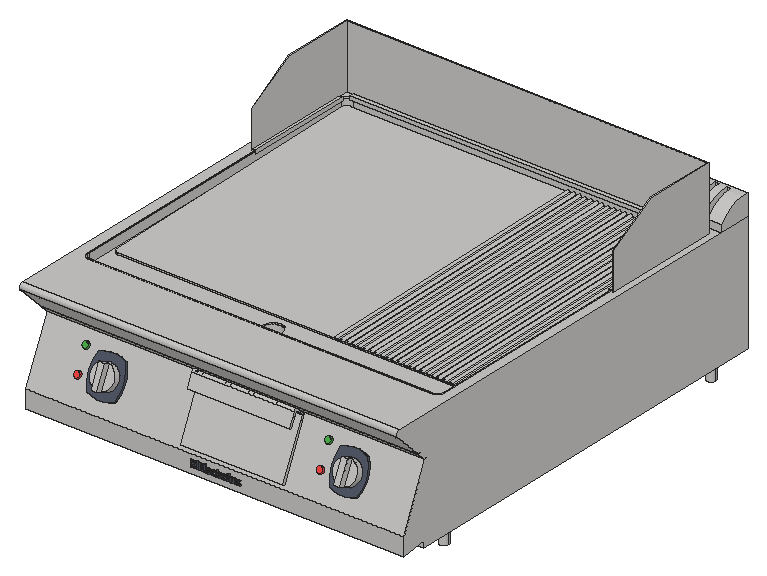
Revit family "QF_ELECTROLUXPROFESSIONAL_391359_E9IIMIAOMEA", category Specialty Equipment, Revit 2018
Family settings
  Round Connector Dimension = Use Diameter
  Part Type = Normal
  Work Plane-Based = No
  Always vertical = Yes
  Cut with Voids When Loaded = No
  Shared = No
  Room Calculation Point = No
Parameters
  Width = 800 mm  # constant formula
  Weight in Pounds = 105  # constant formula
  Watts = 15000 VA  # 15000 W
  Volts = 230 V  # constant formula
  URL Cutsheet = "www.electrolux.com"
  URL = "www.electrolux.com"
  Type Mark [instance] = ""
  Status [instance] = ""
  Specification by User [instance] = ""
  Specification by Manufacturer = ""
  Show Logo [instance] = yes
  Show Clearance [instance] = yes
  Serial Number = ""
  Seismic Rating = ""
  SMACNA No = ""
  Revision Code [instance] = ""
  Phase = 3
  Omniclass Number and Title = ""
  Number of Poles [instance] = 1
  NAFEM Spec ID Number = ""
  Model = "391174"
  Min Ckt Ampacity = 0 A
  Max Overcurrent Protection = 0 A
  Masterspec = ""
  Manufacturer = "ELECTROLUX"
  Item Number [instance] = ""
  Installed By [instance] = ""
  Identify Quantity as Lot [instance] = yes
  HP = "20.1 HP"
  Furnished By [instance] = ""
  Foodservice Equipment Identifier [instance] = yes
  FL Amps = if(Phase = 3, Watts / (Volts * 1.73), Watts / Volts)  # 37.6979 A
  Electrical Remarks [instance] = "230 V/3 ph/50/60 Hz"  # constant formula
  Electric Connection Type [instance] = ""
  Elec Conn RI Height [instance] = 0 mm
  Elec Conn Connection Height [instance] = 0 mm
  Direct Waste Size = 0"
  Description = "900XP FULL MODULE ELECTRIC FRY TOP,2/3 SMOOTH - 1/3 RIBBED SLOPED PLATE,MILD STEEL - 230 V"
  Depth = 930 mm  # constant formula
  Cycle = 60 Hz
  Conn Plug = ""
  Conn Conduit = yes
  CSI MasterFormat = ""
  CSI Master Format = ""
  Apparent Power = if(Phase = 3, Volts * FL Amps * 1.73, Volts * FL Amps)  # 15000 VA
  60 Hertz Option = not([50 Hertz Option])  # no
  50 Hertz Option = yes
Reference planes
  plane 1 "BACK": y = 0
  plane 2: z = 0
  plane 3 "LEFT": x = 0
  plane 4 "RIGHT": x = 800
  plane 5 "FRONT": y = -930
  plane 6 "TOP": z = 275
  plane 7 "Center Y": x = 400
  plane 8 "Center X": y = -465
  plane 9: y = -1045
  plane 10: z = 24
  plane 11: z = 290
  plane 12: z = 410
  plane 13: x = 11
  plane 14: x = 789
Forms (mm)
  Extrusion 1, solid, material "QF_Finishes_Stainless Steel"
    sketch origin (0, 0, 0) x (0, 1, 0) y (0, 0, 1)
      loop
        line (0, 275) -> (-922.686, 275)
        arc (-922.686, 275) -> (-929.443, 270.485) -> (-927.858, 262.514) r 7.314
        line (-927.858, 262.514) -> (-873.907, 208.563) -> (-865.773, 208.563) -> (-865.773, 206.447) -> (-871.79, 206.447) -> (-858.907, 193.563) -> (-850.773, 193.563) -> (-850.773, 191.447) -> (-856.79, 191.447) -> (-913.146, 69.003) -> (-913.146, 30.903) -> (-859.774, 36.513) -> (-859.774, 24) -> (0, 24) -> (0, 275)
    from 0 to 800
  Extrusion 2, solid, material "QF_Finishes_Stainless Steel"
    sketch origin (0, -1, 0) x (1, 0, 0) y (0, 1, 0)
      loop
        circle (11, -82) r 9.525
      loop
        circle (11, -790) r 9.525
      loop
        circle (789, -82) r 9.525
      loop
        circle (789, -790) r 9.525
    from 0 to 24
  Extrusion 3, solid, material "QF_Finishes_Stainless Steel"
    sketch origin (635, 190.152, 275) x (0, -1, 0) y (1, 0, 0)
      loop
        line (273.542, 147.97) -> (273.542, -617.97) -> (275.13, -617.97) -> (275.13, 147.97) -> (273.542, 147.97)
    from 0 to 135
  Extrusion 4, void
    sketch origin (0, 0, 275) x (0, -1, 0) y (1, 0, 0)
      loop
        arc (92.539, 37.03) -> (96.932, 26.423) -> (107.539, 22.03) r 15
        line (107.539, 22.03) -> (777.539, 22.03)
        arc (777.539, 22.03) -> (788.145, 26.423) -> (792.539, 37.03) r 15
        line (792.539, 37.03) -> (792.539, 762.97)
        arc (792.539, 762.97) -> (788.145, 773.577) -> (777.539, 777.97) r 15
        line (777.539, 777.97) -> (107.539, 777.97)
        arc (107.539, 777.97) -> (96.932, 773.577) -> (92.539, 762.97) r 15
        line (92.539, 762.97) -> (92.539, 37.03)
    from 0 to -21.588
  Sweep 5, solid, material "QF_Finishes_Stainless Steel"
    path origin (0, 0, 0) x (1, 0, 0) y (0, 1, 0)
      loop
        line (22.03, -107.539) -> (22.03, -777.539)
        arc (22.03, -777.539) -> (26.423, -788.145) -> (37.03, -792.539) r 15
        line (37.03, -792.539) -> (762.97, -792.539)
        arc (762.97, -792.539) -> (773.577, -788.145) -> (777.97, -777.539) r 15
        line (777.97, -777.539) -> (777.97, -107.539)
        arc (777.97, -107.539) -> (773.577, -96.932) -> (762.97, -92.539) r 15
        line (762.97, -92.539) -> (37.03, -92.539)
        arc (37.03, -92.539) -> (26.423, -96.932) -> (22.03, -107.539) r 15
    profile origin (22.03, -442.539, 0) x (1, 0, 0) y (0, 0, 1)
      loop
        line (0, 255) -> (1.588, 255) -> (1.588, 272.855)
        arc (1.588, 272.855) -> (1.147, 274.189) -> (0, 275) r 2.242
        line (0, 275) -> (0, 255)
  Extrusion 6, solid, material "QF_Finishes_Stainless Steel"
    sketch origin (0, 0, 0) x (1, 0, 0) y (0, 0, 1)
      loop
        line (17.03, 275.856) -> (23.926, 275.856) -> (23.926, 270.856) -> (25.514, 270.856) -> (25.514, 277.444) -> (17.03, 277.444) -> (17.03, 275.856)
      loop
        line (782.97, 275.856) -> (782.97, 277.444) -> (774.486, 277.444) -> (774.486, 270.856) -> (776.074, 270.856) -> (776.074, 275.856) -> (782.97, 275.856)
    from 105.541 to 335.39
  Extrusion 7, solid, material "QF_Finishes_Stainless Steel"
    sketch origin (0, 0, 0) x (0, 1, 0) y (0, 0, 1)
      loop
        line (-94.126, 270.856) -> (-94.126, 275.856) -> (-84.978, 275.856) -> (-84.978, 277.444) -> (-95.714, 277.444) -> (-95.714, 270.856) -> (-94.126, 270.856)
    from 32.03 to 767.97
  Extrusion 8, solid, material "QF_Finishes_Stainless Steel"
    sketch origin (0, -101.6, 24) x (-1, 0, 0) y (0, 1, 0)
      loop
        circle (-740, -482.4) r 6.35
    from 0 to 5
  Extrusion 9, solid, material "QF_Clearances", visible <- "Show Clearance", detail levels coarse
    sketch origin (0, 0, 0) x (1, 0, 0) y (0, 1, 0)
      loop
        line (0, 0) -> (800, 0) -> (800, -930) -> (900, -930) -> (900, 100) -> (-100, 100) -> (-100, -930) -> (0, -930) -> (0, 0)
    from 0 to 410
  Extrusion 10, solid, material "QF_Finishes_Stainless Steel"
    sketch origin (0, 0, 0) x (0, 1, 0) y (0, 0, 1)
      loop
        line (-792.539, 255) -> (-792.539, 253.413) -> (-92.539, 253.413) -> (-92.539, 255) -> (-792.539, 255)
    from 22.03 to 777.97
  Extrusion 11, solid, material "QF_Finishes_Stainless Steel"
    sketch origin (445, 0, 0) x (0, 1, 0) y (0, 0, 1)
      loop
        line (-858.205, 188.372) -> (-874.612, 204.778)
        arc (-874.612, 204.778) -> (-879.079, 206.181) -> (-882.783, 203.316) r 5.058
        line (-882.783, 203.316) -> (-895.445, 175.806) -> (-892.561, 174.479) -> (-879.899, 201.989)
        arc (-879.899, 201.989) -> (-878.52, 203.055) -> (-876.857, 202.533) r 1.883
        line (-876.857, 202.533) -> (-862.014, 187.69) -> (-912.848, 77.245) -> (-909.964, 75.918) -> (-858.205, 188.372)
    from -117.029 to 100
  Extrusion 12, solid, material "QF_Door-Drawer Clearances", visible <- "Show Clearance", detail levels coarse
    sketch origin (408.514, 0, 0) x (0, 1, 0) y (0, 0, 1)
      loop
        line (-1024.713, 174.479) -> (-1012.051, 201.989)
        arc (-1012.051, 201.989) -> (-1010.672, 203.055) -> (-1009.009, 202.533) r 1.883
        line (-1009.009, 202.533) -> (-994.166, 187.69) -> (-1045, 77.245) -> (-1042.116, 75.918) -> (-909.964, 75.918) -> (-858.205, 188.372) -> (-874.612, 204.778)
        arc (-874.612, 204.778) -> (-875.847, 205.685) -> (-877.298, 206.181) r 5.058
        line (-877.298, 206.181) -> (-1011.231, 206.181)
        arc (-1011.231, 206.181) -> (-1013.435, 205.203) -> (-1014.935, 203.316) r 5.058
        line (-1014.935, 203.316) -> (-1027.597, 175.806) -> (-1024.713, 174.479)
    from -117.029 to 100
  Extrusion 13, void
    sketch origin (328.121, 0, 0) x (1, 0, 0) y (0, 1, 0)
      loop
        circle (71.879, -758.736) r 20
    from 235.859 to 256.719
  Extrusion 14, solid, material "QF_Finishes_Stainless Steel"
    sketch origin (0, 0, 0) x (0, 1, 0) y (0, 0, 1)
      loop
        line (-83.39, 410) -> (-235.39, 410) -> (-335.39, 352.265) -> (-335.39, 275) -> (-83.39, 275) -> (-83.39, 410)
    from 15.442 to 17.03
  Extrusion 15, solid, material "QF_Finishes_Navy Blue"
    sketch origin (302.956, -912.449, 70.59) x (0, 0.419232, 0.907879) y (-1, 0, 0)
      loop
        arc (102.26, -332.62) -> (66.843, -325.139) -> (31.333, -332.16) r 90.355
        arc (31.333, -332.16) -> (24.504, -361.269) -> (31.333, -390.378) r 65.456
        arc (31.333, -390.378) -> (66.877, -399.452) -> (102.26, -389.765) r 71.728
        arc (102.26, -389.765) -> (108.852, -361.193) -> (102.26, -332.62) r 65.22
    from 0 to 3.175
  Extrusion 16, solid, material "QF_Finishes_Stainless Steel"
    sketch origin (504.206, -916.163, 70.121) x (0, 0.419232, 0.907879) y (-1, 0, 0)
      loop
        circle (68.826, -160.963) r 25.4
    from 0 to 12.7
  Extrusion 17, solid, material "QF_Finishes_Stainless Steel"
    sketch origin (504.206, -927.693, 75.445) x (0, 0.419232, 0.907879) y (-1, 0, 0)
      loop
        arc (93.558, -166.749) -> (94.226, -160.963) -> (93.558, -155.177) r 25.4
        line (93.558, -155.177) -> (44.094, -155.177)
        arc (44.094, -155.177) -> (43.426, -160.963) -> (44.094, -166.749) r 25.4
        line (44.094, -166.749) -> (93.558, -166.749)
    from 0 to 12.7
  Extrusion 18, solid, material "QF_Finishes_Green"
    sketch origin (316.698, -908.494, 79.155) x (0, 0.419232, 0.907879) y (-1, 0, 0)
      loop
        circle (94.749, -290.848) r 6.35
    from 0 to 3.175
  Extrusion 19, solid, material "QF_Finishes_Red"
    sketch origin (316.698, -930.457, 31.593) x (0, 0.419232, 0.907879) y (-1, 0, 0)
      loop
        circle (95.112, -290.848) r 6.35
    from 0 to 3.175
  Extrusion 20, solid, material "QF_Finishes_Stainless Steel"
    sketch origin (800, 0, 0) x (0, 1, 0) y (0, 0, -1)
      loop
        line (-83.39, -410) -> (-83.39, -275) -> (-335.39, -275) -> (-335.39, -352.265) -> (-235.39, -410) -> (-83.39, -410)
    from 15.442 to 17.03
  Extrusion 21, solid, material "QF_Finishes_Navy Blue"
    sketch origin (-212.044, -912.449, 70.59) x (0, 0.419232, 0.907879) y (-1, 0, 0)
      loop
        arc (102.26, -332.62) -> (66.843, -325.139) -> (31.333, -332.16) r 90.355
        arc (31.333, -332.16) -> (24.504, -361.269) -> (31.333, -390.378) r 65.456
        arc (31.333, -390.378) -> (66.877, -399.452) -> (102.26, -389.765) r 71.728
        arc (102.26, -389.765) -> (108.852, -361.193) -> (102.26, -332.62) r 65.22
    from 0 to 3.175
  Extrusion 22, solid, material "QF_Finishes_Stainless Steel"
    sketch origin (-10.794, -916.163, 70.121) x (0, 0.419232, 0.907879) y (-1, 0, 0)
      loop
        circle (68.826, -160.963) r 25.4
    from 0 to 12.7
  Extrusion 23, solid, material "QF_Finishes_Stainless Steel"
    sketch origin (-10.794, -927.693, 75.445) x (0, 0.419232, 0.907879) y (-1, 0, 0)
      loop
        arc (93.558, -166.749) -> (94.226, -160.963) -> (93.558, -155.177) r 25.4
        line (93.558, -155.177) -> (44.094, -155.177)
        arc (44.094, -155.177) -> (43.426, -160.963) -> (44.094, -166.749) r 25.4
        line (44.094, -166.749) -> (93.558, -166.749)
    from 0 to 12.7
  Extrusion 24, solid, material "QF_Finishes_Green"
    sketch origin (-198.302, -908.494, 79.155) x (0, 0.419232, 0.907879) y (-1, 0, 0)
      loop
        circle (94.749, -290.848) r 6.35
    from 0 to 3.175
  Extrusion 25, solid, material "QF_Finishes_Red"
    sketch origin (-198.302, -930.457, 31.593) x (0, 0.419232, 0.907879) y (-1, 0, 0)
      loop
        circle (95.112, -290.848) r 6.35
    from 0 to 3.175
  Extrusion 26, solid, material "QF_Finishes_Stainless Steel"
    sketch origin (0, 0, -10.038) x (0, 1, 0) y (0, 0, 1)
      loop
        line (0, 285.038) -> (0, 331.738)
        arc (0, 331.738) -> (-38.857, 324.552) -> (-69.85, 300.038) r 82.056
        line (-69.85, 300.038) -> (-69.85, 285.038) -> (0, 285.038)
    from 0 to 400
  Extrusion 27, void
    sketch origin (0, 0, 264.6) x (0, -1, 0) y (1, 0, 0)
      loop
        line (6.761, 29.703) -> (63.911, 29.703) -> (63.911, 38.999) -> (6.761, 38.999) -> (6.761, 29.703)
      loop
        line (63.911, 64.487) -> (6.761, 64.487) -> (6.761, 55.191) -> (63.911, 55.191) -> (63.911, 64.487)
      loop
        line (63.911, 89.975) -> (6.761, 89.975) -> (6.761, 80.68) -> (63.911, 80.68) -> (63.911, 89.975)
      loop
        line (63.911, 115.464) -> (6.761, 115.464) -> (6.761, 106.168) -> (63.911, 106.168) -> (63.911, 115.464)
      loop
        line (63.911, 140.952) -> (6.761, 140.952) -> (6.761, 131.656) -> (63.911, 131.656) -> (63.911, 140.952)
      loop
        line (63.911, 166.44) -> (6.761, 166.44) -> (6.761, 157.145) -> (63.911, 157.145) -> (63.911, 166.44)
      loop
        line (63.911, 191.929) -> (6.761, 191.929) -> (6.761, 182.633) -> (63.911, 182.633) -> (63.911, 191.929)
      loop
        line (63.911, 217.417) -> (6.761, 217.417) -> (6.761, 208.121) -> (63.911, 208.121) -> (63.911, 217.417)
      loop
        line (63.911, 242.905) -> (6.761, 242.905) -> (6.761, 233.61) -> (63.911, 233.61) -> (63.911, 242.905)
      loop
        line (63.911, 268.394) -> (6.761, 268.394) -> (6.761, 259.098) -> (63.911, 259.098) -> (63.911, 268.394)
      loop
        line (63.911, 293.882) -> (6.761, 293.882) -> (6.761, 284.586) -> (63.911, 284.586) -> (63.911, 293.882)
      loop
        line (63.911, 319.37) -> (6.761, 319.37) -> (6.761, 310.075) -> (63.911, 310.075) -> (63.911, 319.37)
      loop
        line (63.911, 344.859) -> (6.761, 344.859) -> (6.761, 335.563) -> (63.911, 335.563) -> (63.911, 344.859)
      loop
        line (63.911, 370.347) -> (6.761, 370.347) -> (6.761, 361.051) -> (63.911, 361.051) -> (63.911, 370.347)
    from 25.4 to 63.5
  Extrusion 28, solid, material "QF_Finishes_Stainless Steel"
    sketch origin (800, 0, -10.038) x (0, 1, 0) y (0, 0, -1)
      loop
        line (0, -285.038) -> (-69.85, -285.038) -> (-69.85, -300.038)
        arc (-69.85, -300.038) -> (-38.857, -324.552) -> (0, -331.738) r 82.056
        line (0, -331.738) -> (0, -285.038)
    from 0 to 400
  Extrusion 29, void
    sketch origin (800, 0, 264.6) x (0, -1, 0) y (1, 0, 0)
      loop
        line (6.761, -29.703) -> (6.761, -38.999) -> (63.911, -38.999) -> (63.911, -29.703) -> (6.761, -29.703)
      loop
        line (63.911, -64.487) -> (63.911, -55.191) -> (6.761, -55.191) -> (6.761, -64.487) -> (63.911, -64.487)
      loop
        line (63.911, -89.975) -> (63.911, -80.68) -> (6.761, -80.68) -> (6.761, -89.975) -> (63.911, -89.975)
      loop
        line (63.911, -115.464) -> (63.911, -106.168) -> (6.761, -106.168) -> (6.761, -115.464) -> (63.911, -115.464)
      loop
        line (63.911, -140.952) -> (63.911, -131.656) -> (6.761, -131.656) -> (6.761, -140.952) -> (63.911, -140.952)
      loop
        line (63.911, -166.44) -> (63.911, -157.145) -> (6.761, -157.145) -> (6.761, -166.44) -> (63.911, -166.44)
      loop
        line (63.911, -191.929) -> (63.911, -182.633) -> (6.761, -182.633) -> (6.761, -191.929) -> (63.911, -191.929)
      loop
        line (63.911, -217.417) -> (63.911, -208.121) -> (6.761, -208.121) -> (6.761, -217.417) -> (63.911, -217.417)
      loop
        line (63.911, -242.905) -> (63.911, -233.61) -> (6.761, -233.61) -> (6.761, -242.905) -> (63.911, -242.905)
      loop
        line (63.911, -268.394) -> (63.911, -259.098) -> (6.761, -259.098) -> (6.761, -268.394) -> (63.911, -268.394)
      loop
        line (63.911, -293.882) -> (63.911, -284.586) -> (6.761, -284.586) -> (6.761, -293.882) -> (63.911, -293.882)
      loop
        line (63.911, -319.37) -> (63.911, -310.075) -> (6.761, -310.075) -> (6.761, -319.37) -> (63.911, -319.37)
      loop
        line (63.911, -344.859) -> (63.911, -335.563) -> (6.761, -335.563) -> (6.761, -344.859) -> (63.911, -344.859)
      loop
        line (63.911, -370.347) -> (63.911, -361.051) -> (6.761, -361.051) -> (6.761, -370.347) -> (63.911, -370.347)
    from 25.4 to 63.5
  Extrusion 30, solid, material "QF_Finishes_Stainless Steel"
    sketch origin (0, 0, 0) x (0, 1, 0) y (0, 0, 1)
      loop
        line (-722.539, 256.999) -> (-722.539, 255) -> (-105.406, 255) -> (-105.406, 265.217) -> (-722.539, 256.999)
    from 32.03 to 767.97
  Sweep 31, solid, material "QF_Finishes_Stainless Steel"
    path origin (1197.595, 30.508, -0.106) x (0, 1, 0) y (0, 0, -1)
      loop
        line (-135.915, -265.323) -> (-752.997, -257.106)
    profile origin (1197.595, -413.948, 261.109) x (0, -0.013315, 0.999911) y (-1, 0, 0)
      loop
        line (0, 662.144) -> (0, 654.391) -> (3.736, 658.268) -> (0, 662.144)
      loop
        line (0, 650.01) -> (0, 642.256) -> (3.736, 646.133) -> (0, 650.01)
      loop
        line (0, 637.875) -> (0, 630.122) -> (3.736, 633.999) -> (0, 637.875)
      loop
        line (0, 625.741) -> (0, 617.987) -> (3.736, 621.864) -> (0, 625.741)
      loop
        line (0, 613.606) -> (0, 605.853) -> (3.736, 609.73) -> (0, 613.606)
      loop
        line (0, 601.472) -> (0, 593.718) -> (3.736, 597.595) -> (0, 601.472)
      loop
        line (0, 589.337) -> (0, 581.584) -> (3.736, 585.46) -> (0, 589.337)
      loop
        line (0, 577.203) -> (0, 569.449) -> (3.736, 573.326) -> (0, 577.203)
      loop
        line (0, 565.068) -> (0, 557.315) -> (3.736, 561.191) -> (0, 565.068)
      loop
        line (0, 552.934) -> (0, 545.18) -> (3.736, 549.057) -> (0, 552.934)
      loop
        line (0, 540.799) -> (0, 533.046) -> (3.736, 536.922) -> (0, 540.799)
      loop
        line (0, 528.665) -> (0, 520.911) -> (3.736, 524.788) -> (0, 528.665)
      loop
        line (0, 516.53) -> (0, 508.777) -> (3.736, 512.653) -> (0, 516.53)
      loop
        line (0, 504.396) -> (0, 496.642) -> (3.736, 500.519) -> (0, 504.396)
      loop
        line (0, 492.261) -> (0, 484.508) -> (3.736, 488.384) -> (0, 492.261)
      loop
        line (0, 480.127) -> (0, 472.373) -> (3.736, 476.25) -> (0, 480.127)
      loop
        line (0, 467.992) -> (0, 460.239) -> (3.736, 464.115) -> (0, 467.992)
      loop
        line (0, 455.857) -> (0, 448.104) -> (3.736, 451.981) -> (0, 455.857)
      loop
        line (0, 443.723) -> (0, 435.969) -> (3.736, 439.846) -> (0, 443.723)
      loop
        line (0, 686.413) -> (0, 678.66) -> (3.736, 682.537) -> (0, 686.413)
      loop
        line (0, 674.279) -> (0, 666.525) -> (3.736, 670.402) -> (0, 674.279)
      loop
        line (0, 698.548) -> (0, 690.794) -> (3.736, 694.671) -> (0, 698.548)
  Extrusion 32, void
    sketch origin (0, 0, 0) x (1, 0, 0) y (0, 1, 0)
      loop
        arc (42.03, -722.539) -> (34.958, -719.61) -> (32.03, -712.539) r 10
        line (32.03, -712.539) -> (32.03, -722.539) -> (42.03, -722.539)
      loop
        line (757.97, -722.539) -> (767.97, -722.539) -> (767.97, -712.539)
        arc (767.97, -712.539) -> (765.042, -719.61) -> (757.97, -722.539) r 10
      loop
        line (42.03, -105.406) -> (32.03, -105.406) -> (32.03, -115.406)
        arc (32.03, -115.406) -> (34.958, -108.335) -> (42.03, -105.406) r 10
      loop
        arc (757.97, -105.406) -> (765.042, -108.335) -> (767.97, -115.406) r 10
        line (767.97, -115.406) -> (767.97, -105.406) -> (757.97, -105.406)
    from 255 to 270.856
  Extrusion 33, solid, material "QF_Finishes_Navy Blue", visible <- "Show Logo"
    sketch origin (0, -913.146, 30.903) x (0, 0, 1) y (-1, 0, 0)
      loop
        line (27.024, -359.055) -> (14.657, -359.055)
        arc (14.657, -359.055) -> (20.841, -363.626) -> (27.024, -359.055) r 6.467
      loop
        arc (27.024, -358.426) -> (25.855, -353.283) -> (21.199, -350.805) r 6.338
        line (21.199, -350.805) -> (21.199, -352.851)
        arc (21.199, -352.851) -> (22.683, -356.506) -> (26.128, -358.426) r 5.941
        line (26.128, -358.426) -> (27.024, -358.426)
      loop
        arc (15.553, -358.426) -> (18.998, -356.506) -> (20.482, -352.851) r 5.941
        line (20.482, -352.851) -> (20.482, -350.805)
        arc (20.482, -350.805) -> (15.788, -353.279) -> (14.498, -358.426) r 6.504
        line (14.498, -358.426) -> (15.553, -358.426)
      loop
        line (27.699, -350.336) -> (13.954, -350.336) -> (13.954, -364.099) -> (27.699, -364.099) -> (27.699, -350.336)
      loop
        arc (27.782, -367.066) -> (27.435, -366.709) -> (27.068, -367.047) r 0.358
        arc (27.068, -367.047) -> (26.754, -367.797) -> (26.037, -368.182) r 1.216
        line (26.037, -368.182) -> (15.624, -368.182)
        arc (15.624, -368.182) -> (14.964, -367.904) -> (14.568, -367.308) r 1.238
        arc (14.568, -367.308) -> (14.173, -367.057) -> (13.868, -367.411) r 0.358
        line (13.868, -367.411) -> (13.868, -377.29) -> (16.619, -377.29) -> (16.619, -376.393)
        arc (16.619, -376.393) -> (15.71, -375.813) -> (15.254, -374.836) r 1.928
        line (15.254, -374.836) -> (15.254, -372.337)
        arc (15.254, -372.337) -> (15.53, -371.608) -> (16.218, -371.244) r 1.101
        line (16.218, -371.244) -> (20.305, -371.244) -> (20.305, -374.917)
        arc (20.305, -374.917) -> (19.952, -375.414) -> (19.387, -375.642) r 1.083
        arc (19.387, -375.642) -> (19.123, -375.948) -> (19.415, -376.226) r 0.292
        line (19.415, -376.226) -> (22.378, -376.226)
        arc (22.378, -376.226) -> (22.68, -375.953) -> (22.442, -375.623) r 0.305
        arc (22.442, -375.623) -> (21.951, -375.375) -> (21.646, -374.917) r 1.083
        line (21.646, -374.917) -> (21.646, -371.244) -> (26.323, -371.244) -> (26.323, -374.991)
        arc (26.323, -374.991) -> (26.109, -375.747) -> (25.503, -376.245) r 1.314
        arc (25.503, -376.245) -> (25.284, -376.649) -> (25.638, -376.941) r 0.361
        line (25.638, -376.941) -> (27.782, -376.941) -> (27.782, -367.066)
      loop
        arc (27.065, -377.722) -> (26.685, -378.641) -> (25.766, -379.021) r 1.299
        line (25.766, -379.021) -> (16.187, -379.021)
        arc (16.187, -379.021) -> (15.349, -378.643) -> (15.078, -377.765) r 1.118
        line (15.078, -377.765) -> (13.868, -377.765) -> (13.868, -383.115) -> (15.056, -383.115)
        arc (15.056, -383.115) -> (15.328, -382.198) -> (16.198, -381.802) r 1.153
        line (16.198, -381.802) -> (28.27, -381.802) -> (27.065, -377.722)
      loop
        line (18.833, -385.751) -> (18.833, -392.198) -> (19.632, -392.198)
        arc (19.632, -392.198) -> (22.212, -391.214) -> (23.481, -388.76) r 3.874
        line (23.481, -388.76) -> (23.481, -387)
        arc (23.481, -387) -> (22.294, -384.135) -> (19.43, -382.949) r 4.051
        line (19.43, -382.949) -> (17.422, -382.949)
        arc (17.422, -382.949) -> (14.603, -384.434) -> (13.552, -387.441) r 4.352
        arc (13.552, -387.441) -> (13.916, -389.904) -> (15.293, -391.978) r 5.713
        line (15.293, -391.978) -> (16.242, -391.978)
        arc (16.242, -391.978) -> (15.51, -390.409) -> (15.293, -388.691) r 5.579
        arc (15.293, -388.691) -> (16.087, -386.728) -> (17.966, -385.751) r 3.057
        line (17.966, -385.751) -> (18.833, -385.751)
      loop
        line (20.092, -385.751) -> (20.092, -389.333)
        arc (20.092, -389.333) -> (21.549, -389.38) -> (22.432, -388.221) r 1.59
        line (22.432, -388.221) -> (22.432, -387.391)
        arc (22.432, -387.391) -> (21.567, -386.136) -> (20.092, -385.751) r 2.184
      loop
        arc (22.883, -401.616) -> (23.372, -399.942) -> (23.529, -398.205) r 9.023
        line (23.529, -398.205) -> (23.529, -396.843)
        arc (23.529, -396.843) -> (22.37, -394.043) -> (19.57, -392.883) r 3.959
        line (19.57, -392.883) -> (16.97, -392.883)
        arc (16.97, -392.883) -> (14.688, -394.176) -> (13.571, -396.549) r 4.331
        line (13.571, -396.549) -> (13.571, -398.684)
        arc (13.571, -398.684) -> (14.079, -400.234) -> (15.001, -401.58) r 5.772
        arc (15.001, -401.58) -> (15.762, -401.631) -> (15.849, -400.872) r 0.553
        arc (15.849, -400.872) -> (15.461, -400.138) -> (15.327, -399.319) r 2.573
        line (15.327, -399.319) -> (15.327, -397.804)
        arc (15.327, -397.804) -> (16.333, -396.162) -> (18.148, -395.52) r 2.884
        line (18.148, -395.52) -> (19.427, -395.52)
        arc (19.427, -395.52) -> (21.248, -396.08) -> (22.174, -397.745) r 2.554
        line (22.174, -397.745) -> (22.174, -398.798)
        arc (22.174, -398.798) -> (21.843, -399.726) -> (21.186, -400.461) r 2.564
        arc (21.186, -400.461) -> (20.964, -401.178) -> (21.573, -401.616) r 0.643
        line (21.573, -401.616) -> (22.883, -401.616)
      loop
        line (21.865, -401.886) -> (21.865, -403.387) -> (15.817, -403.387)
        arc (15.817, -403.387) -> (14.229, -404.045) -> (13.571, -405.633) r 2.246
        line (13.571, -405.633) -> (13.571, -407.217)
        arc (13.571, -407.217) -> (13.885, -408.081) -> (14.385, -408.853) r 4.06
        arc (14.385, -408.853) -> (15.118, -408.986) -> (15.369, -408.285) r 0.576
        arc (15.369, -408.285) -> (15.263, -407.759) -> (15.327, -407.227) r 1.69
        arc (15.327, -407.227) -> (15.869, -406.439) -> (16.775, -406.136) r 1.506
        line (16.775, -406.136) -> (21.913, -406.136) -> (21.913, -408.533) -> (22.469, -409.089) -> (23.291, -409.089) -> (23.291, -406.23) -> (26.522, -406.23) -> (21.865, -401.886)
      loop
        line (13.788, -409.987) -> (13.788, -415.374) -> (14.898, -415.374)
        arc (14.898, -415.374) -> (15.292, -414.423) -> (16.243, -414.029) r 1.345
        line (16.243, -414.029) -> (19.859, -414.029)
        arc (19.859, -414.029) -> (20.624, -414.621) -> (20.914, -415.543) r 1.615
        line (20.914, -415.543) -> (20.914, -417.099) -> (23.469, -417.784) -> (23.469, -416.401) -> (21.527, -413.842) -> (23.407, -413.842) -> (23.123, -411.136)
        arc (23.123, -411.136) -> (22.683, -410.606) -> (22.024, -410.807) r 0.621
        arc (22.024, -410.807) -> (21.624, -411.149) -> (21.13, -411.332) r 1.501
        line (21.13, -411.332) -> (16.243, -411.332)
        arc (16.243, -411.332) -> (15.292, -410.938) -> (14.898, -409.987) r 1.345
        line (14.898, -409.987) -> (13.788, -409.987)
      loop
        line (19.89, -417.321) -> (17.198, -417.321)
        arc (17.198, -417.321) -> (14.753, -418.629) -> (13.619, -421.159) r 4.288
        arc (13.619, -421.159) -> (13.555, -422.54) -> (13.619, -423.92) r 15.022
        arc (13.619, -423.92) -> (14.753, -426.451) -> (17.198, -427.758) r 4.288
        line (17.198, -427.758) -> (19.89, -427.758)
        arc (19.89, -427.758) -> (22.336, -426.451) -> (23.469, -423.92) r 4.288
        arc (23.469, -423.92) -> (23.533, -422.54) -> (23.469, -421.159) r 15.022
        arc (23.469, -421.159) -> (22.336, -418.629) -> (19.89, -417.321) r 4.288
      loop
        line (20.095, -420.435) -> (16.993, -420.435)
        arc (16.993, -420.435) -> (14.836, -422.592) -> (16.993, -424.749) r 2.157
        line (16.993, -424.749) -> (20.095, -424.749)
        arc (20.095, -424.749) -> (22.252, -422.592) -> (20.095, -420.435) r 2.157
      loop
        arc (27.076, -427.616) -> (26.705, -428.51) -> (25.811, -428.881) r 1.264
        line (25.811, -428.881) -> (15.947, -428.881)
        arc (15.947, -428.881) -> (15.077, -428.484) -> (14.805, -427.568) r 1.153
        line (14.805, -427.568) -> (13.868, -427.568) -> (13.868, -432.676) -> (14.796, -432.676)
        arc (14.796, -432.676) -> (15.155, -431.904) -> (15.947, -431.589) r 1.153
        line (15.947, -431.589) -> (28.27, -431.589) -> (27.076, -427.616)
      loop
        arc (22.196, -432.213) -> (21.997, -433.278) -> (21.028, -433.76) r 1.215
        line (21.028, -433.76) -> (16.008, -433.76)
        arc (16.008, -433.76) -> (14.393, -434.407) -> (13.672, -435.99) r 2.338
        line (13.672, -435.99) -> (13.672, -437.505)
        arc (13.672, -437.505) -> (13.847, -438.509) -> (14.349, -439.395) r 2.979
        line (14.349, -439.395) -> (13.868, -441.192) -> (13.868, -442.88) -> (23.293, -442.88) -> (22.999, -438.677) -> (22.213, -438.677)
        arc (22.213, -438.677) -> (21.857, -439.513) -> (21.105, -440.022) r 1.605
        line (21.105, -440.022) -> (16.002, -440.022)
        arc (16.002, -440.022) -> (15.582, -439.085) -> (15.509, -438.061) r 2.94
        arc (15.509, -438.061) -> (16.07, -436.96) -> (17.223, -436.517) r 1.724
        line (17.223, -436.517) -> (23.42, -436.517) -> (22.196, -432.213)
      loop
        line (23.224, -443.734) -> (21.552, -445.78) -> (18.378, -448.086) -> (14.922, -444.974)
        arc (14.922, -444.974) -> (14.685, -444.58) -> (14.707, -444.121) r 0.789
        line (14.707, -444.121) -> (13.868, -444.121) -> (13.868, -447.666) -> (14.694, -447.666)
        arc (14.694, -447.666) -> (15.036, -447.304) -> (15.526, -447.396) r 0.52
        line (15.526, -447.396) -> (17.326, -448.867) -> (15.208, -450.242)
        arc (15.208, -450.242) -> (14.807, -449.932) -> (14.72, -449.433) r 0.7
        line (14.72, -449.433) -> (13.868, -449.433) -> (13.868, -455.36) -> (14.755, -455.36)
        arc (14.755, -455.36) -> (14.822, -454.701) -> (15.216, -454.17) r 1.247
        line (15.216, -454.17) -> (19.416, -450.889) -> (21.863, -452.942) -> (23.224, -454.684) -> (23.224, -450.96) -> (21.739, -451.383) -> (20.218, -450.106) -> (21.918, -448.916) -> (23.224, -449.692) -> (23.224, -443.734)
    from 0 to 1.644
Cuts and joins
  Extrusion 4, Extrusion 13 cuts Extrusion 1
  Extrusion 13 cuts Extrusion 10
  joined: Extrusion 3, Extrusion 14, Extrusion 20
  Extrusion 27, Extrusion 29 cuts Extrusion 26
  Extrusion 29 cuts Extrusion 28
  Extrusion 32 cuts Extrusion 30
Lines and regions (mm)
  symbolic lines, style "QF_Clearances", visible <- "Show Clearance", detail levels coarse
    curve 1: line (900, -930, 0) -> (900, 100, 0)
    curve 2: line (900, 100, 0) -> (-100, 100, 0)
    curve 3: line (-100, 100, 0) -> (-100, -930, 0)
  symbolic lines
    curve 4: line (0, -930, 0) -> (800, -930, 0)
    curve 5: line (800, -930, 0) -> (800, 0, 0)
    curve 6: line (800, 0, 0) -> (0, 0, 0)
    curve 7: line (0, 0, 0) -> (0, -930, 0)
    curve 8: line (762.97, -792.539, 0) -> (37.03, -792.539, 0)
    curve 9: arc (37.03, -792.539, 0) -> (26.423, -788.145, 0) -> (22.03, -777.539, 0) r 15
    curve 10: line (22.03, -777.539, 0) -> (22.03, -335.39, 0)
    curve 11: arc (22.163, -105.541, 0) -> (25.387, -98.081, 0) -> (32.03, -93.397, 0) r 15
    curve 12: arc (767.97, -93.397, 0) -> (774.613, -98.081, 0) -> (777.837, -105.541, 0) r 15
    curve 13: line (777.97, -335.39, 0) -> (777.97, -777.539, 0)
    curve 14: arc (777.97, -777.539, 0) -> (773.577, -788.145, 0) -> (762.97, -792.539, 0) r 15
    curve 15: line (757.97, -722.539, 0) -> (42.03, -722.539, 0)
    curve 16: arc (42.03, -722.539, 0) -> (34.958, -719.61, 0) -> (32.03, -712.539, 0) r 10
    curve 17: line (32.03, -712.539, 0) -> (32.03, -115.406, 0)
    curve 18: arc (32.03, -115.406, 0) -> (34.958, -108.335, 0) -> (42.03, -105.406, 0) r 10
    curve 19: line (42.03, -105.406, 0) -> (757.97, -105.406, 0)
    curve 20: arc (757.97, -105.406, 0) -> (765.042, -108.335, 0) -> (767.97, -115.406, 0) r 10
    curve 21: line (767.97, -115.406, 0) -> (767.97, -712.539, 0)
    curve 22: arc (767.97, -712.539, 0) -> (765.042, -719.61, 0) -> (757.97, -722.539, 0) r 10
    curve 23: line (15.442, -83.39, 0) -> (15.442, -335.39, 0)
    curve 24: line (784.558, -83.39, 0) -> (15.442, -83.39, 0)
    curve 25: line (784.558, -335.39, 0) -> (784.558, -83.39, 0)
    curve 26: line (767.97, -95.714, 0) -> (767.97, -83.39, 0)
    curve 27: line (32.03, -95.714, 0) -> (767.97, -95.714, 0)
    curve 28: line (32.03, -83.39, 0) -> (32.03, -95.714, 0)
    curve 29: line (784.558, -105.541, 0) -> (774.486, -105.541, 0)
    curve 30: line (25.514, -335.39, 0) -> (25.514, -105.541, 0)
    curve 31: line (15.442, -335.39, 0) -> (25.514, -335.39, 0)
    curve 32: line (774.486, -105.541, 0) -> (774.486, -335.39, 0)
    curve 33: line (774.486, -335.39, 0) -> (784.558, -335.39, 0)
    curve 34: line (25.514, -105.541, 0) -> (15.442, -105.541, 0)
    curve 35: line (38.999, -6.761, 0) -> (38.999, -63.911, 0)
    curve 36: line (38.999, -63.911, 0) -> (29.703, -63.911, 0)
    curve 37: line (29.703, -63.911, 0) -> (29.703, -6.761, 0)
    curve 38: line (29.703, -6.761, 0) -> (38.999, -6.761, 0)
    curve 39: line (55.191, -63.911, 0) -> (55.191, -6.761, 0)
    curve 40: line (55.191, -6.761, 0) -> (64.487, -6.761, 0)
    curve 41: line (64.487, -6.761, 0) -> (64.487, -63.911, 0)
    curve 42: line (64.487, -63.911, 0) -> (55.191, -63.911, 0)
    curve 43: line (89.975, -6.761, 0) -> (89.975, -63.911, 0)
    curve 44: line (89.975, -63.911, 0) -> (80.68, -63.911, 0)
    curve 45: line (80.68, -63.911, 0) -> (80.68, -6.761, 0)
    curve 46: line (80.68, -6.761, 0) -> (89.975, -6.761, 0)
    curve 47: line (115.464, -6.761, 0) -> (115.464, -63.911, 0)
    curve 48: line (115.464, -63.911, 0) -> (106.168, -63.911, 0)
    curve 49: line (106.168, -63.911, 0) -> (106.168, -6.761, 0)
    curve 50: line (106.168, -6.761, 0) -> (115.464, -6.761, 0)
    curve 51: line (140.952, -6.761, 0) -> (140.952, -63.911, 0)
    curve 52: line (140.952, -63.911, 0) -> (131.656, -63.911, 0)
    curve 53: line (131.656, -63.911, 0) -> (131.656, -6.761, 0)
    curve 54: line (131.656, -6.761, 0) -> (140.952, -6.761, 0)
    curve 55: line (166.44, -6.761, 0) -> (166.44, -63.911, 0)
    curve 56: line (166.44, -63.911, 0) -> (157.145, -63.911, 0)
    curve 57: line (157.145, -63.911, 0) -> (157.145, -6.761, 0)
    curve 58: line (157.145, -6.761, 0) -> (166.44, -6.761, 0)
    curve 59: line (191.929, -6.761, 0) -> (191.929, -63.911, 0)
    curve 60: line (191.929, -63.911, 0) -> (182.633, -63.911, 0)
    curve 61: line (182.633, -63.911, 0) -> (182.633, -6.761, 0)
    curve 62: line (182.633, -6.761, 0) -> (191.929, -6.761, 0)
    curve 63: line (208.121, -63.911, 0) -> (208.121, -6.761, 0)
    curve 64: line (208.121, -6.761, 0) -> (217.417, -6.761, 0)
    curve 65: line (217.417, -6.761, 0) -> (217.417, -63.911, 0)
    curve 66: line (217.417, -63.911, 0) -> (208.121, -63.911, 0)
    curve 67: line (767.97, -83.39, 0) -> (767.97, -95.714, 0)
    curve 68: line (361.001, -6.761, 0) -> (361.001, -63.911, 0)
    curve 69: line (361.001, -63.911, 0) -> (370.297, -63.911, 0)
    curve 70: line (370.297, -63.911, 0) -> (370.297, -6.761, 0)
    curve 71: line (370.297, -6.761, 0) -> (361.001, -6.761, 0)
    curve 72: line (344.809, -63.911, 0) -> (344.809, -6.761, 0)
    curve 73: line (344.809, -6.761, 0) -> (335.513, -6.761, 0)
    curve 74: line (335.513, -6.761, 0) -> (335.513, -63.911, 0)
    curve 75: line (335.513, -63.911, 0) -> (344.809, -63.911, 0)
    curve 76: line (310.025, -6.761, 0) -> (310.025, -63.911, 0)
    curve 77: line (310.025, -63.911, 0) -> (319.32, -63.911, 0)
    curve 78: line (319.32, -63.911, 0) -> (319.32, -6.761, 0)
    curve 79: line (319.32, -6.761, 0) -> (310.025, -6.761, 0)
    curve 80: line (284.536, -6.761, 0) -> (284.536, -63.911, 0)
    curve 81: line (284.536, -63.911, 0) -> (293.832, -63.911, 0)
    curve 82: line (293.832, -63.911, 0) -> (293.832, -6.761, 0)
    curve 83: line (293.832, -6.761, 0) -> (284.536, -6.761, 0)
    curve 84: line (259.048, -6.761, 0) -> (259.048, -63.911, 0)
    curve 85: line (259.048, -63.911, 0) -> (268.344, -63.911, 0)
    curve 86: line (268.344, -63.911, 0) -> (268.344, -6.761, 0)
    curve 87: line (268.344, -6.761, 0) -> (259.048, -6.761, 0)
    curve 88: line (233.56, -6.761, 0) -> (233.56, -63.911, 0)
    curve 89: line (233.56, -63.911, 0) -> (242.855, -63.911, 0)
    curve 90: line (242.855, -63.911, 0) -> (242.855, -6.761, 0)
    curve 91: line (242.855, -6.761, 0) -> (233.56, -6.761, 0)
    curve 92: arc (380, -758.736, 0) -> (400, -738.736, 0) -> (420, -758.736, 0) r 20
    curve 93: arc (380, -758.736, 0) -> (400, -778.736, 0) -> (420, -758.736, 0) r 20
    curve 94: arc (777.837, -105.541, 0) -> (774.613, -98.081, 0) -> (767.97, -93.397, 0) r 15
    curve 95: arc (767.97, -115.406, 0) -> (765.042, -108.335, 0) -> (757.97, -105.406, 0) r 10
    curve 96: line (767.97, -83.39, 0) -> (767.97, -95.714, 0)
    curve 97: line (761.001, -6.761, 0) -> (761.001, -63.911, 0)
    curve 98: line (761.001, -63.911, 0) -> (770.297, -63.911, 0)
    curve 99: line (770.297, -63.911, 0) -> (770.297, -6.761, 0)
    curve 100: line (770.297, -6.761, 0) -> (761.001, -6.761, 0)
    curve 101: line (744.809, -63.911, 0) -> (744.809, -6.761, 0)
    curve 102: line (744.809, -6.761, 0) -> (735.513, -6.761, 0)
    curve 103: line (735.513, -6.761, 0) -> (735.513, -63.911, 0)
    curve 104: line (735.513, -63.911, 0) -> (744.809, -63.911, 0)
    curve 105: line (710.025, -6.761, 0) -> (710.025, -63.911, 0)
    curve 106: line (710.025, -63.911, 0) -> (719.32, -63.911, 0)
    curve 107: line (719.32, -63.911, 0) -> (719.32, -6.761, 0)
    curve 108: line (719.32, -6.761, 0) -> (710.025, -6.761, 0)
    curve 109: line (684.536, -6.761, 0) -> (684.536, -63.911, 0)
    curve 110: line (684.536, -63.911, 0) -> (693.832, -63.911, 0)
    curve 111: line (693.832, -63.911, 0) -> (693.832, -6.761, 0)
    curve 112: line (693.832, -6.761, 0) -> (684.536, -6.761, 0)
    curve 113: line (659.048, -6.761, 0) -> (659.048, -63.911, 0)
    curve 114: line (659.048, -63.911, 0) -> (668.344, -63.911, 0)
    curve 115: line (668.344, -63.911, 0) -> (668.344, -6.761, 0)
    curve 116: line (668.344, -6.761, 0) -> (659.048, -6.761, 0)
    curve 117: line (633.56, -6.761, 0) -> (633.56, -63.911, 0)
    curve 118: line (633.56, -63.911, 0) -> (642.855, -63.911, 0)
    curve 119: line (642.855, -63.911, 0) -> (642.855, -6.761, 0)
    curve 120: line (642.855, -6.761, 0) -> (633.56, -6.761, 0)
    curve 121: line (608.071, -6.761, 0) -> (608.071, -63.911, 0)
    curve 122: line (608.071, -63.911, 0) -> (617.367, -63.911, 0)
    curve 123: line (617.367, -63.911, 0) -> (617.367, -6.761, 0)
    curve 124: line (617.367, -6.761, 0) -> (608.071, -6.761, 0)
    curve 125: line (591.879, -63.911, 0) -> (591.879, -6.761, 0)
    curve 126: line (591.879, -6.761, 0) -> (582.583, -6.761, 0)
    curve 127: line (582.583, -6.761, 0) -> (582.583, -63.911, 0)
    curve 128: line (582.583, -63.911, 0) -> (591.879, -63.911, 0)
    curve 129: line (438.999, -6.761, 0) -> (438.999, -63.911, 0)
    curve 130: line (438.999, -63.911, 0) -> (429.703, -63.911, 0)
    curve 131: line (429.703, -63.911, 0) -> (429.703, -6.761, 0)
    curve 132: line (429.703, -6.761, 0) -> (438.999, -6.761, 0)
    curve 133: line (455.191, -63.911, 0) -> (455.191, -6.761, 0)
    curve 134: line (455.191, -6.761, 0) -> (464.487, -6.761, 0)
    curve 135: line (464.487, -6.761, 0) -> (464.487, -63.911, 0)
    curve 136: line (464.487, -63.911, 0) -> (455.191, -63.911, 0)
    curve 137: line (489.975, -6.761, 0) -> (489.975, -63.911, 0)
    curve 138: line (489.975, -63.911, 0) -> (480.68, -63.911, 0)
    curve 139: line (480.68, -63.911, 0) -> (480.68, -6.761, 0)
    curve 140: line (480.68, -6.761, 0) -> (489.975, -6.761, 0)
    curve 141: line (515.464, -6.761, 0) -> (515.464, -63.911, 0)
    curve 142: line (515.464, -63.911, 0) -> (506.168, -63.911, 0)
    curve 143: line (506.168, -63.911, 0) -> (506.168, -6.761, 0)
    curve 144: line (506.168, -6.761, 0) -> (515.464, -6.761, 0)
    curve 145: line (540.952, -6.761, 0) -> (540.952, -63.911, 0)
    curve 146: line (540.952, -63.911, 0) -> (531.656, -63.911, 0)
    curve 147: line (531.656, -63.911, 0) -> (531.656, -6.761, 0)
    curve 148: line (531.656, -6.761, 0) -> (540.952, -6.761, 0)
    curve 149: line (566.44, -6.761, 0) -> (566.44, -63.911, 0)
    curve 150: line (566.44, -63.911, 0) -> (557.145, -63.911, 0)
    curve 151: line (557.145, -63.911, 0) -> (557.145, -6.761, 0)
    curve 152: line (557.145, -6.761, 0) -> (566.44, -6.761, 0)
    curve 153: line (757.749, -722.539, 0) -> (757.749, -105.456, 0)
    curve 154: line (745.614, -722.539, 0) -> (745.614, -105.406, 0)
    curve 155: line (733.48, -722.539, 0) -> (733.48, -105.406, 0)
    curve 156: line (721.345, -722.539, 0) -> (721.345, -105.406, 0)
    curve 157: line (709.211, -722.539, 0) -> (709.211, -105.406, 0)
    curve 158: line (697.076, -722.539, 0) -> (697.076, -105.406, 0)
    curve 159: line (684.942, -722.539, 0) -> (684.942, -105.406, 0)
    curve 160: line (672.807, -722.539, 0) -> (672.807, -105.406, 0)
    curve 161: line (660.673, -722.539, 0) -> (660.673, -105.406, 0)
    curve 162: line (648.538, -722.539, 0) -> (648.538, -105.406, 0)
    curve 163: line (636.404, -722.539, 0) -> (636.404, -105.406, 0)
    curve 164: line (624.269, -722.539, 0) -> (624.269, -105.406, 0)
    curve 165: line (612.135, -722.539, 0) -> (612.135, -105.406, 0)
    curve 166: line (600, -722.539, 0) -> (600, -105.406, 0)
    curve 167: line (587.865, -722.539, 0) -> (587.865, -105.406, 0)
    curve 168: line (575.731, -722.539, 0) -> (575.731, -105.406, 0)
    curve 169: line (563.596, -722.539, 0) -> (563.596, -105.406, 0)
    curve 170: line (551.462, -722.539, 0) -> (551.462, -105.406, 0)
    curve 171: line (539.327, -722.539, 0) -> (539.327, -105.406, 0)
    curve 172: line (527.193, -722.539, 0) -> (527.193, -105.406, 0)
    curve 173: line (515.058, -722.539, 0) -> (515.058, -105.406, 0)
    curve 174: line (502.924, -722.539, 0) -> (502.924, -105.406, 0)
  symbolic lines, style "QF_Door-Drawer Clearances"
    curve 175: line (291.486, -930, 0) -> (291.486, -1045, 0)
    curve 176: line (508.514, -1045, 0) -> (508.514, -930, 0)
    curve 177: line (291.486, -1045, 0) -> (508.514, -1045, 0)
Dimensions and locks
  equal spacing: plane 3 "LEFT", plane 7 "Center Y", plane 4 "RIGHT"
  "Width": plane 3 "LEFT" to plane 4 "RIGHT"
  equal spacing: plane 5 "FRONT", plane 8 "Center X", plane 1 "BACK"
  "Depth": plane 5 "FRONT" to plane 1 "BACK"
  plane 6 "TOP" to level = 275 mm
  plane 1 "BACK" to plane 9 = 1045 mm  (x2)
  plane 10 to level = 24 mm  (x2)
  plane 11 to plane 10 = 266 mm
  plane 6 "TOP" to plane 10 = 251 mm
  plane 12 to level = 410 mm  (x2)
  plane 12 to plane 10 = 386 mm
  plane 13 to plane 3 "LEFT" = 11 mm
  locked: plane 14 to plane 4 "RIGHT" at 11
  plane 1 "BACK" to plane 5 "FRONT" = 930 mm
  Extrusion 8 to plane 10 = 5 mm
  plane 1 "BACK" to Extrusion 8 = 584 mm
  plane 1 "BACK" to Extrusion 2 to Extrusion 2 to plane 5 "FRONT" = 83 mm, 708 mm, 139 mm
  plane 13 to plane 14 = 778 mm
  Extrusion 8 sketch curve to plane 4 "RIGHT" = 60 mm
  Extrusion 8 sketch curve to plane 1 "BACK" = 584 mm
  aligned and locked: level to plane 2
  aligned and locked: Extrusion 1 to plane 4 "RIGHT"
Automatic sketch dimensions
  Extrusion 1 sketch curve to plane 6 "TOP" = 0 mm
  Extrusion 1 sketch curve to plane 10 = 0 mm
  Extrusion 1 sketch curve to plane 1 "BACK" = 0 mm
  Extrusion 1 sketch curve to plane 5 "FRONT" = 79.227 mm
  Extrusion 1 sketch curve to Extrusion 1 sketch curve = 6.017 mm  (x2)
  Extrusion 1 sketch curve to Extrusion 1 sketch curve = 2.117 mm  (x4)
  plane 10 to Extrusion 1 sketch curve = 12.513 mm
  Extrusion 1 sketch curve to plane 5 "FRONT" = 70.226 mm
  Extrusion 1 sketch curve to Extrusion 1 sketch curve = 6.866 mm
  Extrusion 1 sketch curve to plane 5 "FRONT" = 16.854 mm
  Extrusion 1 sketch curve to plane 5 "FRONT" = 7.314 mm
  Extrusion 1 sketch curve to plane 5 "FRONT" = 2.142 mm
  plane 10 to Extrusion 1 sketch curve = 6.903 mm
  Extrusion 1 sketch curve to Extrusion 1 sketch curve = 38.1 mm
  Extrusion 1 sketch curve to plane 6 "TOP" = 83.553 mm
  Extrusion 1 sketch curve to Extrusion 1 sketch curve = 12.883 mm
  Extrusion 1 sketch curve to plane 6 "TOP" = 12.486 mm
  Extrusion 2 sketch curve to plane 13 = 0 mm  (x2)
  Extrusion 2 sketch curve to plane 14 = 0 mm  (x2)
  Extrusion 2 sketch curve to plane 5 "FRONT" = 139 mm  (x2)
  plane 1 "BACK" to Extrusion 2 sketch curve = 83 mm  (x2)
  Extrusion 1 to Extrusion 3 sketch curve = 17.03 mm  (x2)
  Extrusion 1 to Extrusion 3 sketch curve = 83.39 mm
  Extrusion 3 sketch curve to Extrusion 3 sketch curve = 1.588 mm
  Extrusion 1 to Extrusion 4 sketch curve = 37.03 mm
  Extrusion 1 to Extrusion 4 sketch curve = 92.539 mm
  Extrusion 4 sketch curve to Extrusion 4 sketch curve = 15 mm  (x3)
  Extrusion 1 to Extrusion 4 sketch curve = 145.147 mm  (x2)
  Extrusion 1 to Extrusion 4 sketch curve = 22.03 mm
  plane 13 to Sweep 5 sketch curve = 11.03 mm
  Sweep 5 sketch curve to Sweep 5 sketch curve = 15 mm  (x2)
  plane 14 to Sweep 5 sketch curve = 26.03 mm  (x2)
  plane 14 to Sweep 5 sketch curve = 11.03 mm
  Sweep 5 sketch curve to plane 5 "FRONT" = 137.461 mm
  plane 1 "BACK" to Sweep 5 sketch curve = 107.539 mm
  profile plane to Sweep 5 sketch curve = 0 mm
  profile plane to Sweep 5 sketch curve = 0.655 mm
  Sweep 5 sketch curve to profile plane = 1.588 mm
  level to Sweep 5 sketch curve = 255 mm
  Sweep 5 sketch curve to Sweep 5 sketch curve = 17.855 mm
  plane 6 "TOP" to Extrusion 6 sketch curve = 0.856 mm  (x2)
  plane 13 to Extrusion 6 sketch curve = 6.03 mm
  Extrusion 6 sketch curve to plane 6 "TOP" = 4.144 mm  (x2)
  Extrusion 6 sketch curve to Extrusion 6 sketch curve = 6.896 mm
  Extrusion 6 sketch curve to Extrusion 6 sketch curve = 1.588 mm  (x3)
  plane 14 to Extrusion 6 sketch curve = 14.514 mm
  plane 6 "TOP" to Extrusion 6 sketch curve = 2.444 mm
  plane 14 to Extrusion 6 sketch curve = 6.03 mm
  plane 6 "TOP" to Extrusion 7 sketch curve = 2.444 mm
  plane 1 "BACK" to Extrusion 7 sketch curve = 95.714 mm
  Extrusion 7 sketch curve to Extrusion 7 sketch curve = 1.588 mm
  Extrusion 7 sketch curve to Extrusion 7 sketch curve = 9.149 mm
  plane 6 "TOP" to Extrusion 7 sketch curve = 0.856 mm
  Extrusion 7 sketch curve to plane 6 "TOP" = 4.144 mm
  plane 5 "FRONT" to Extrusion 9 sketch curve = 0 mm  (x2)
  Extrusion 9 sketch curve to plane 3 "LEFT" = 0 mm
  Extrusion 9 sketch curve to plane 4 "RIGHT" = 0 mm
  plane 1 "BACK" to Extrusion 9 sketch curve = 0 mm
  Extrusion 9 sketch curve to plane 3 "LEFT" = 100 mm
  Extrusion 9 sketch curve to plane 4 "RIGHT" = 100 mm
  Extrusion 9 sketch curve to plane 1 "BACK" = 100 mm
  Extrusion 10 sketch curve to plane 6 "TOP" = 21.587 mm
  Extrusion 10 sketch curve to plane 5 "FRONT" = 137.461 mm
  plane 1 "BACK" to Extrusion 10 sketch curve = 92.539 mm
  Extrusion 10 sketch curve to Extrusion 10 sketch curve = 1.588 mm
  Extrusion 11 sketch curve to Extrusion 11 sketch curve = 0 mm  (x2)
  Extrusion 11 sketch curve to plane 5 "FRONT" = 17.152 mm
  Extrusion 11 sketch curve to Extrusion 11 sketch curve = 2.884 mm  (x3)
  Extrusion 11 sketch curve to plane 5 "FRONT" = 34.555 mm
  Extrusion 11 sketch curve to Extrusion 11 sketch curve = 12.662 mm
  Extrusion 11 sketch curve to Extrusion 11 sketch curve = 1.711 mm
  Extrusion 11 sketch curve to Extrusion 11 sketch curve = 1.332 mm
  Extrusion 11 sketch curve to Extrusion 11 sketch curve = 2.245 mm
  Extrusion 11 sketch curve to Extrusion 11 sketch curve = 14.843 mm
  Extrusion 11 sketch curve to Extrusion 11 sketch curve = 3.809 mm
  plane 10 to Extrusion 11 sketch curve = 51.918 mm
  Extrusion 11 sketch curve to Extrusion 11 sketch curve = 1.327 mm  (x2)
  Extrusion 11 sketch curve to Extrusion 11 sketch curve = 13.211 mm
  Extrusion 11 sketch curve to Extrusion 11 sketch curve = 0.787 mm
  Extrusion 12 sketch curve to Extrusion 12 sketch curve = 0 mm  (x2)
  Extrusion 12 sketch curve to plane 9 = 0 mm
  plane 9 to Extrusion 12 sketch curve = 2.884 mm
  plane 9 to Extrusion 12 sketch curve = 17.403 mm
  Extrusion 12 sketch curve to Extrusion 12 sketch curve = 2.884 mm  (x2)
  plane 9 to Extrusion 12 sketch curve = 30.065 mm
  Extrusion 12 sketch curve to Extrusion 12 sketch curve = 0.82 mm
  Extrusion 12 sketch curve to Extrusion 12 sketch curve = 1.711 mm
  Extrusion 12 sketch curve to Extrusion 12 sketch curve = 1.332 mm
  Extrusion 12 sketch curve to Extrusion 12 sketch curve = 14.843 mm
  Extrusion 12 sketch curve to plane 5 "FRONT" = 20.036 mm
  Extrusion 12 sketch curve to plane 5 "FRONT" = 51.812 mm
  Extrusion 12 sketch curve to Extrusion 12 sketch curve = 0.891 mm
  Extrusion 12 sketch curve to Extrusion 12 sketch curve = 2.686 mm
  Extrusion 12 sketch curve to Extrusion 12 sketch curve = 16.406 mm
  plane 10 to Extrusion 12 sketch curve = 51.918 mm
  Extrusion 12 sketch curve to Extrusion 12 sketch curve = 1.327 mm  (x2)
  Extrusion 12 sketch curve to Extrusion 12 sketch curve = 13.211 mm
  Extrusion 12 sketch curve to plane 6 "TOP" = 86.628 mm
  Extrusion 12 sketch curve to Extrusion 12 sketch curve = 0.787 mm
  Extrusion 12 sketch curve to Extrusion 12 sketch curve = 4.979 mm
  Extrusion 13 sketch curve to plane 7 "Center Y" = 0 mm
  Extrusion 13 sketch curve to plane 5 "FRONT" = 171.264 mm
  Extrusion 14 sketch curve to plane 6 "TOP" = 0 mm
  Extrusion 14 sketch curve to plane 12 = 0 mm
  Extrusion 14 sketch curve to plane 12 = 57.735 mm
  plane 8 "Center X" to Extrusion 14 sketch curve = 129.61 mm
  Extrusion 14 sketch curve to Extrusion 14 sketch curve = 100 mm
  plane 1 "BACK" to Extrusion 14 sketch curve = 83.39 mm
  plane 14 to Extrusion 15 sketch curve = 153.884 mm
  Extrusion 15 sketch curve to Extrusion 15 sketch curve = 0 mm
  Extrusion 15 sketch curve to Extrusion 15 sketch curve = 12.3 mm  (x3)
  Extrusion 15 sketch curve to Extrusion 15 sketch curve = 34.925 mm  (x2)
  Extrusion 15 sketch curve to Extrusion 15 sketch curve = 23.703 mm
  Extrusion 15 sketch curve to Extrusion 15 sketch curve = 0.46 mm
  Extrusion 15 sketch curve to Extrusion 15 sketch curve = 29.032 mm
  Extrusion 15 sketch curve to Extrusion 15 sketch curve = 28.496 mm
  Extrusion 17 sketch curve to Extrusion 17 sketch curve = 24.732 mm
  Extrusion 17 sketch curve to Extrusion 17 sketch curve = 0 mm
  plane 14 to Extrusion 18 sketch curve = 181.454 mm
  plane 14 to Extrusion 19 sketch curve = 181.454 mm
  Extrusion 20 sketch curve to plane 6 "TOP" = 0 mm
  Extrusion 20 sketch curve to plane 12 = 0 mm
  Extrusion 20 sketch curve to plane 12 = 57.735 mm
  plane 8 "Center X" to Extrusion 20 sketch curve = 129.61 mm
  Extrusion 20 sketch curve to Extrusion 20 sketch curve = 100 mm
  plane 1 "BACK" to Extrusion 20 sketch curve = 83.39 mm
  plane 13 to Extrusion 21 sketch curve = 109.116 mm
  Extrusion 21 sketch curve to Extrusion 21 sketch curve = 0 mm
  Extrusion 21 sketch curve to Extrusion 21 sketch curve = 12.3 mm  (x3)
  Extrusion 21 sketch curve to Extrusion 21 sketch curve = 34.925 mm  (x2)
  Extrusion 21 sketch curve to Extrusion 21 sketch curve = 23.703 mm
  Extrusion 21 sketch curve to Extrusion 21 sketch curve = 0.46 mm
  Extrusion 21 sketch curve to Extrusion 21 sketch curve = 29.032 mm
  Extrusion 21 sketch curve to Extrusion 21 sketch curve = 28.496 mm
  Extrusion 23 sketch curve to Extrusion 23 sketch curve = 24.732 mm
  Extrusion 23 sketch curve to Extrusion 23 sketch curve = 0 mm
  plane 13 to Extrusion 24 sketch curve = 81.546 mm
  plane 13 to Extrusion 25 sketch curve = 81.546 mm
  Extrusion 26 sketch curve to plane 6 "TOP" = 0 mm
  Extrusion 26 sketch curve to plane 11 = 0 mm
  Extrusion 26 sketch curve to plane 1 "BACK" = 0 mm
  plane 1 "BACK" to Extrusion 26 sketch curve = 4.947 mm
  plane 1 "BACK" to Extrusion 26 sketch curve = 69.85 mm
  Extrusion 26 sketch curve to plane 6 "TOP" = 35.207 mm
  plane 1 "BACK" to Extrusion 27 sketch curve = 6.761 mm  (x14)
  Extrusion 27 sketch curve to Extrusion 27 sketch curve = 57.15 mm
  Extrusion 27 sketch curve to Extrusion 27 sketch curve = 0 mm  (x13)
  plane 13 to Extrusion 27 sketch curve = 18.703 mm
  Extrusion 27 sketch curve to Extrusion 27 sketch curve = 9.296 mm  (x14)
  Extrusion 27 sketch curve to Extrusion 27 sketch curve = 16.193 mm  (x13)
  Extrusion 28 sketch curve to plane 6 "TOP" = 0 mm
  Extrusion 28 sketch curve to plane 11 = 0 mm
  Extrusion 28 sketch curve to plane 1 "BACK" = 0 mm
  plane 1 "BACK" to Extrusion 28 sketch curve = 4.947 mm
  plane 1 "BACK" to Extrusion 28 sketch curve = 69.85 mm
  Extrusion 28 sketch curve to Extrusion 28 sketch curve = 46.7 mm
  plane 1 "BACK" to Extrusion 29 sketch curve = 6.761 mm  (x14)
  Extrusion 29 sketch curve to Extrusion 29 sketch curve = 57.15 mm
  Extrusion 29 sketch curve to Extrusion 29 sketch curve = 0 mm  (x13)
  plane 7 "Center Y" to Extrusion 29 sketch curve = 29.653 mm
  Extrusion 29 sketch curve to Extrusion 29 sketch curve = 9.296 mm  (x14)
  Extrusion 29 sketch curve to Extrusion 29 sketch curve = 16.193 mm  (x13)
  Extrusion 30 sketch curve to plane 6 "TOP" = 20 mm
  Extrusion 30 sketch curve to plane 5 "FRONT" = 207.461 mm
  Extrusion 30 sketch curve to plane 6 "TOP" = 9.783 mm
  plane 1 "BACK" to Extrusion 30 sketch curve = 105.406 mm
  Extrusion 30 sketch curve to Extrusion 30 sketch curve = 1.999 mm
  Sweep 31 sketch curve to plane 6 "TOP" = 18 mm
  Sweep 31 sketch curve to plane 5 "FRONT" = 207.511 mm
  Sweep 31 sketch curve to plane 6 "TOP" = 9.783 mm
  plane 1 "BACK" to Sweep 31 sketch curve = 105.406 mm
  profile plane to Sweep 31 sketch curve = 0 mm  (x22)
  Sweep 31 sketch curve to profile plane = 3.736 mm  (x22)
  profile plane to Sweep 31 sketch curve = 435.969 mm
  Sweep 31 sketch curve to Sweep 31 sketch curve = 3.877 mm  (x44)
  Sweep 31 sketch curve to Sweep 31 sketch curve = 4.381 mm  (x21)
  plane 13 to Extrusion 32 sketch curve = 21.03 mm  (x2)
  Extrusion 32 sketch curve to Extrusion 32 sketch curve = 0 mm  (x15)
  Extrusion 32 sketch curve to Extrusion 32 sketch curve = 10 mm  (x5)
  plane 14 to Extrusion 32 sketch curve = 31.03 mm  (x2)
  Extrusion 32 sketch curve to plane 5 "FRONT" = 207.461 mm  (x2)
  plane 1 "BACK" to Extrusion 32 sketch curve = 115.406 mm  (x2)
  Extrusion 33 sketch curve to Extrusion 1 = 8.511 mm
  Extrusion 33 sketch curve to Extrusion 1 = 13.552 mm
  Extrusion 33 sketch curve to Extrusion 1 = 13.571 mm
  Extrusion 33 sketch curve to Extrusion 33 sketch curve = 0 mm  (x28)
  Extrusion 33 sketch curve to Extrusion 33 sketch curve = 5.108 mm  (x2)
  Extrusion 33 sketch curve to Extrusion 33 sketch curve = 0.054 mm
  Extrusion 33 sketch curve to Extrusion 33 sketch curve = 0.218 mm
  Extrusion 33 sketch curve to Extrusion 33 sketch curve = 0.195 mm
  Extrusion 33 sketch curve to Extrusion 33 sketch curve = 0.249 mm
  Extrusion 33 sketch curve to Extrusion 1 = 13.868 mm
  Extrusion 33 sketch curve to Extrusion 33 sketch curve = 0.087 mm
  Extrusion 33 sketch curve to Extrusion 33 sketch curve = 0.358 mm
  Extrusion 33 sketch curve to Extrusion 33 sketch curve = 0.481 mm
  Extrusion 33 sketch curve to Extrusion 33 sketch curve = 0.597 mm
  Extrusion 33 sketch curve to Extrusion 33 sketch curve = 0.544 mm
  Extrusion 33 sketch curve to Extrusion 33 sketch curve = 0.936 mm
  Extrusion 33 sketch curve to Extrusion 33 sketch curve = 0.594 mm
  Extrusion 33 sketch curve to Extrusion 33 sketch curve = 0.343 mm
  Extrusion 33 sketch curve to Extrusion 33 sketch curve = 0.159 mm
  Extrusion 33 sketch curve to Extrusion 33 sketch curve = 0.826 mm
  Extrusion 33 sketch curve to Extrusion 33 sketch curve = 0.839 mm
  Extrusion 33 sketch curve to Extrusion 33 sketch curve = 0.852 mm
  Extrusion 33 sketch curve to Extrusion 33 sketch curve = 0.887 mm
  Extrusion 33 sketch curve to Extrusion 33 sketch curve = 0.928 mm
  Extrusion 33 sketch curve to Extrusion 33 sketch curve = 0.938 mm
  Extrusion 33 sketch curve to Extrusion 33 sketch curve = 0.444 mm
  Extrusion 33 sketch curve to Extrusion 33 sketch curve = 1.11 mm  (x3)
  Extrusion 33 sketch curve to Extrusion 33 sketch curve = 0.215 mm
  Extrusion 33 sketch curve to Extrusion 33 sketch curve = 1.43 mm
  Extrusion 33 sketch curve to Extrusion 33 sketch curve = 1.188 mm
  Extrusion 33 sketch curve to Extrusion 33 sketch curve = 1.21 mm  (x2)
  Extrusion 33 sketch curve to Extrusion 33 sketch curve = 0.503 mm
  Extrusion 33 sketch curve to Extrusion 33 sketch curve = 0.488 mm
  Extrusion 33 sketch curve to Extrusion 33 sketch curve = 0.462 mm
  Extrusion 33 sketch curve to Extrusion 33 sketch curve = 1.386 mm
